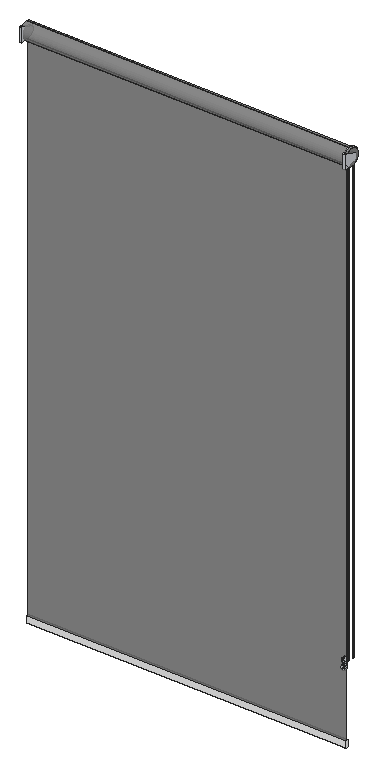
Revit family "WindowShade_RolleaseAcmeda_ContractSeries1_OpenRoll_R20", category Specialty Equipment, host Wall, Revit 2020
Family settings
  Host = Wall
  Round Connector Dimension = Use Diameter
  Part Type = Normal
  Always vertical = Yes
  Cut with Voids When Loaded = No
  Shared = No
  Room Calculation Point = No
Parameters (values of type "5'W x 8'Drop - Manual Left")
  Weight Bar = RA - FINISH - WHITE
  URL = "https://www.rolleaseacmedacontract.com/resources/"
  SHADE WIDTH (DEFAULT) = if(Input Bracket Width < 1' 0", 1' 6", if(Input Bracket Width > 12' 0", 12' 0", Input Bracket Width))  # 5' - 0"
  SHADE DROP (DEFAULT) = if(Input Shade Drop < 0' 0", 1' 0" / 12, if(Input Shade Drop > 12' 0", 12' 0", Input Shade Drop))  # 8' - 0"
  Shade = RA - FABRIC - AMBIENT REVIEW
  Contact Phone = "1-800-552-5100"
  Model = "RA Contract Series"
  Manufacturer = "Rollease Acmeda"
  Input Bracket Width = 5' - 0"
  Input Shade Drop = 8' - 0"
  Finish = RA - FINISH - WHITE
  Contact Email = "contract@rolleaseacmeda.com"
  Drive Motorized Calc = and(not([Drive Manual LH (Select One)]), not([Drive Manual RH (Select One)]))  # no
  Drive Motorized (Select One) = no
  Drive Manual Right Calc = and(not([Drive Manual LH (Select One)]), not([Drive Motorized (Select One)]))  # no
  Drive Manual RH (Select One) = no
  Drive Manual Left Calc = and(not([Drive Manual RH (Select One)]), not([Drive Motorized (Select One)]))  # yes
  Drive Manual LH (Select One) = yes
  Description = "RAC Series 1 - Open Roll"
  Default Elevation = 10' - 0"
  Chain Length = [SHADE DROP (DEFAULT)] * 0.85  # 6' - 9.6"
  Ceiling Mounted = no
  Drop Bar Silent Weight = not(Drop Bar Internal Hem)  # yes
  Drop Bar Internal Hem = no
Types (3): name | Drive Motorized Calc | Drive Motorized (Select One) | Drive Manual Right Calc | Drive Manual RH (Select One) | Drive Manual Left Calc | Drive Manual LH (Select One)
  5'W x 8'Drop - Manual Right | no | no | yes | yes | no | no
  5'W x 8'Drop - Manual Left | no | no | no | no | yes | yes
  5'W x 8'Drop - Motorized | yes | yes | no | no | no | no
Reference planes (in)
  plane 1: y = 3
  plane 2 "Center (Left/Right)": x = 0
  plane 3 "Back": y = 3
  plane 4 "B.O. HEADER": z = 40
  plane 5: y = 4.5625
  plane 6: z = 40
  plane 7 "B.O. SHADE": z = -56
  plane 8 "header right": x = -30
  plane 9 "header left": x = 30
  plane 10 "5": x = 29.40234
  plane 11 "6": x = -29.40234
Forms (in)
  Extrusion 1, solid, material "RA - FABRIC - AMBIENT REVIEW" <- "Shade", detail levels medium+fine
    sketch origin (-61.33329, 3, -80) x (-1, 0, 0) y (0, 0, 1)
      loop
        line (-90.73563, 120) -> (-90.73563, 24) -> (-31.93095, 24) -> (-31.93095, 120) -> (-90.73563, 120)
    from 1 to 1.125
  Sweep 2, solid, material "RA - FINISH - WHITE" <- "Weight Bar", visible <- "Drop Bar Silent Weight", detail levels medium+fine
    path in 3D
      loop
        line (29.40234, 4.125, -56) -> (-29.40234, 4.125, -56)
    profile "PROFILE - WEIGHTED DROP : PROFILE - WEIGHTED DROP" origin (0, 4.125, -56) x (0, 1, 0) y (0, 0, -1)
      loop
        arc (0.19143, -1.26562) -> (0.25088, -0.91458) -> (0.25709, -0.55859) r 2.37109
        line (0.25709, -0.55859) -> (0.20908, -0.55859) -> (0.20908, -0.49609) -> (0.25265, -0.49609)
        arc (0.25265, -0.49609) -> (0.22941, -0.30933) -> (0.19143, -0.125) r 2.37109
        line (0.19143, -0.125) -> (0.03407, -0.125) -> (0.03407, 0) -> (-0.05186, 0) -> (-0.05186, -0.125) -> (-0.3281, -0.125) -> (-0.3281, -1.26562) -> (0.19143, -1.26562)
  Sweep 3, solid, material "RA - FABRIC - AMBIENT REVIEW" <- "Shade", visible <- "Drop Bar Internal Hem", detail levels medium+fine
    path in 3D
      loop
        line (29.40234, 4.125, -56) -> (-29.40234, 4.125, -56)
    profile "PROFILE - SEALED HEM : PROFILE - SEALED HEM" origin (0, 4.125, -56) x (0, 1, 0) y (0, 0, -1)
      loop
        arc (-0.04671, -0.01097) -> (-0.21029, -0.8727) -> (-0.06177, -1.73715) r 2.46494
        line (-0.06177, -1.73715) -> (0.00011, -1.73715)
        arc (0.00011, -1.73715) -> (0.14862, -0.8727) -> (-0.01496, -0.01097) r 2.46494
        arc (-0.01496, -0.01097) -> (-0.03083, -0.00088) -> (-0.04671, -0.01097) r 0.01753
Lines and regions (in)
  sketch lines
    curve 1: line (29.40234, 4.125, -56) -> (-29.40234, 4.125, -56)
    curve 2: line (29.40234, 4.125, -56) -> (-29.40234, 4.125, -56)
Text (in)
  text "Placement Side" at (0, 40.15149, 123.01588), in view "Right"
  text "Placement Side" at (-58.6842, 42.74981, 0), in view "Ref. Level"
  text "Placement Side" at (0, 47.49176, 140.59947), in view "Left"
Dimensions and locks (in)
  locked: plane 3 "Back" to host wall
  "SHADE DROP (DEFAULT)": plane 7 "B.O. SHADE" to plane 4 "B.O. HEADER"
  "Chain Length": nested 1 to plane 4 "B.O. HEADER"
  locked: nested 1 to plane 11 "6" at 0.1875
  "Chain Length": nested 2 to plane 4 "B.O. HEADER"
  locked: nested 2 to plane 10 "5" at 0.1875
  equal spacing: plane 9 "header left", plane 2 "Center (Left/Right)", plane 8 "header right"
  "SHADE WIDTH (DEFAULT)": plane 9 "header left" to plane 8 "header right"
  locked: plane 11 "6" to nested 10 at 0.09375
  locked: nested 11 to plane 10 "5" at 0.09375
  locked: plane 11 "6" to plane 8 "header right" at 0.59766
  locked: plane 9 "header left" to plane 10 "5" at 0.59766
  plane 10 "5" to plane 11 "6" = 4' - 10 103/128"
  aligned and locked: Extrusion 1 sketch curve to plane 4 "B.O. HEADER"
  aligned and locked: plane 7 "B.O. SHADE" to Extrusion 1 sketch curve
  aligned and locked: nested 5 to plane 8 "header right"
  aligned and locked: plane 8 "header right" to nested 4
  aligned and locked: plane 8 "header right" to nested 8
  aligned and locked: nested 7 to plane 9 "header left"
  aligned and locked: nested 6 to plane 9 "header left"
  aligned and locked: plane 11 "6" to Extrusion 1 sketch curve
  aligned and locked: Extrusion 1 sketch curve to plane 10 "5"
Nested families (in)
  nested 1: "CHAIN HOLDER" at (-29.58984, 3, -41.6) x (-1, 0, 0) z (0, 1, 0), visible <- "Drive Manual Right Calc", type "CHAIN HOLDER", detail levels fine
  nested 2: "CHAIN HOLDER" at (29.58984, 3, -41.6) x (-1, 0, 0) z (0, 1, 0), visible <- "Drive Manual Left Calc", type "CHAIN HOLDER", detail levels fine
  nested 3: "2.0Open Roll Header" at (0, 3, 40) x (-1, 0, 0) z (0, 1, 0), type "2.0Open Roll Header"
  nested 4: "2.0OpenRollBracketAndClutch" at (-30, 3, 41.5) x (1, 0, 0) z (0, 1, 0), visible <- "Drive Manual Right Calc", type "2.0OpenRollBracketAndClutch", detail levels medium+fine
  nested 5: "OpenRollBracket" at (-29.60156, 3, 41.5) x (-1, 0, 0) z (0, 1, 0), type "OpenRollBracket"
  nested 6: "2.0OpenRollBracketAndClutch" at (30, 3, 41.5) x (-1, 0, 0) z (0, 1, 0), visible <- "Drive Manual Left Calc", type "2.0OpenRollBracketAndClutch"
  nested 7: "OpenRollBracket" at (30, 3, 41.5) x (-1, 0, 0) z (0, 1, 0), type "OpenRollBracket"
  nested 8: "2.0OpenRollBracketAndClutch" at (-30, 3, 41.5) x (1, 0, 0) z (0, 1, 0), visible <- "Drive Motorized Calc", type "2.0OpenRollBracketAndClutch", detail levels medium+fine
  nested 9: "2.0GeneralHeader" at (0, 3, 40.55757) x (-1, 0, 0) z (0, 1, 0), type "2.0GeneralHeader", not visible
  nested 10: "PULL CHAIN2" at (-29.49609, 4.28125, 40) x (-1, 0, 0) z (0, 0, -1), visible <- "Drive Manual Right Calc", type "PULL CHAIN2", detail levels medium+fine
  nested 11: "PULL CHAIN2" at (29.49609, 4.28125, 40) x (-1, 0, 0) z (0, 0, -1), visible <- "Drive Manual Left Calc", type "PULL CHAIN2", detail levels medium+fine
Definition of nested family "CHAIN HOLDER"
  Parameters (values of type "CHAIN HOLDER")
    Default Elevation = 4' - 0"
  Reference planes (in)
    plane 1 "Center (Front/Back)": y = 0
    plane 2: z = 0
    plane 3 "Center (Left/Right)": x = 0
  Forms (in)
    Extrusion 1, solid
      sketch origin (0, -0.90475, 0) x (1, 0, 0) y (0, 1, 0)
        loop
          line (-0.15144, 0) -> (0.15144, 0)
          arc (0.15144, 0) -> (0.30013, 0.06647) -> (0.34975, 0.2216) r 0.19953
          line (0.34975, 0.2216) -> (0.16523, 1.87945)
          arc (0.16523, 1.87945) -> (0.12687, 1.95389) -> (0.04865, 1.98378) r 0.1173
          line (0.04865, 1.98378) -> (-0.04865, 1.98378)
          arc (-0.04865, 1.98378) -> (-0.12687, 1.95389) -> (-0.16523, 1.87945) r 0.1173
          line (-0.16523, 1.87945) -> (-0.34975, 0.2216)
          arc (-0.34975, 0.2216) -> (-0.30013, 0.06647) -> (-0.15144, 0) r 0.19953
        loop
          circle (0, 0.2615) r 0.125
        loop
          circle (0, 1.66775) r 0.125
      from 0 to 0.5
    Extrusion 2, void
      sketch origin (0, -0.90475, 0) x (1, 0, 0) y (0, 1, 0)
        loop
          line (-0.3577, 1.23378) -> (-0.3577, 0.65475) -> (0.3436, 0.65475) -> (0.3436, 1.23378) -> (-0.3577, 1.23378)
      from 0 to 0.375
  Cuts and joins
    Extrusion 2 cuts Extrusion 1
  Dimensions and locks (in)
    aligned and locked: plane 2 to level
Definition of nested family "2.0Open Roll Header"
  Parameters (values of type "2.0Open Roll Header")
    Shade Material = none
    Header - Width = 5' - 0"
    Header - Height = 0' - 3"
    Header - Depth = 0' - 3 1/16"
    Default Elevation = 4' - 0"
  Reference planes (in)
    plane 1 "Center (Front/Back)": y = 0
    plane 2: z = 0
    plane 3 "Center (Left/Right)": x = 0
    plane 4: y = 3
    plane 5 "HEADER LEFT": x = -30
    plane 6 "HEADER RIGHT": x = 30
    plane 7: z = 3.0625
    plane 8 "tube center FB": y = 1.5
    plane 9 "tube center tb": z = 1.5625
  Forms (in)
    Extrusion 1, solid, material <- "Shade Material"
      sketch origin (0, -1.5, 0.80078) x (0, 1, 0) y (0, 0, 1)
        loop
          circle (3, 0.76172) r 1.5
      from -30 to 30
  Dimensions and locks (in)
    equal spacing: plane 5 "HEADER LEFT", plane 3 "Center (Left/Right)", plane 6 "HEADER RIGHT"
    "Header - Width": plane 5 "HEADER LEFT" to plane 6 "HEADER RIGHT"
    "Header - Depth": plane 7 to level
    "Header - Height": plane 1 "Center (Front/Back)" to plane 4
    "Header - Height": plane 4 to plane 1 "Center (Front/Back)"
    aligned and locked: plane 2 to level
    aligned and locked: Extrusion 1 to plane 5 "HEADER LEFT"
    aligned and locked: plane 6 "HEADER RIGHT" to Extrusion 1
  Automatic sketch dimensions
    Extrusion 1 sketch curve to plane 7 = 0' - 1 1/2"
    Extrusion 1 sketch curve to plane 1 "Center (Front/Back)" = 0' - 1 1/2"
    radius of Extrusion 1 sketch curve = 0' - 1 1/2"
Definition of nested family "2.0OpenRollBracketAndClutch"
  Parameters (values of type "2.0OpenRollBracketAndClutch")
    Default Elevation = 4' - 0"
  Reference planes (in)
    plane 1 "Center (Front/Back)": y = 0
    plane 2: z = 0
    plane 3 "Center (Left/Right)": x = 0
    plane 4 "CL front/back": z = 1.72592
  Forms (in)
    Extrusion 1, solid
      sketch origin (0, 0, 0) x (0, 1, 0) y (0, 0, 1)
        loop
          line (-1.24, 0) -> (1.24, 0) -> (1.24, 0.25) -> (0.71648, 1.94172)
          arc (0.71648, 1.94172) -> (0.46993, 2.30544) -> (0.0625, 2.47) r 0.75417
          line (0.0625, 2.47) -> (-0.0625, 2.47)
          arc (-0.0625, 2.47) -> (-0.46993, 2.30544) -> (-0.71648, 1.94172) r 0.75417
          line (-0.71648, 1.94172) -> (-1.24, 0.25) -> (-1.24, 0)
      from 0 to 0.39844
  Dimensions and locks (in)
    aligned and locked: plane 2 to level
  Nested families (in)
    nested 1: "OpenRollClutch" at (0.39844, 0, 1.72592) x (0, 1, 0) z (1, 0, 0), type "OpenRollClutch"
  Definition of nested family "OpenRollClutch"
    Parameters (values of type "OpenRollClutch")
      Default Elevation = 4' - 0"
    Reference planes (in)
      plane 1 "Center (Front/Back)": y = 0
      plane 2: z = 0
      plane 3 "Center (Left/Right)": x = 0
    Forms (in)
      Extrusion 1, solid
        sketch origin (0, 0, 0) x (1, 0, 0) y (0, 1, 0)
          loop
            circle (0, 0) r 1.5625
        from 0 to 0.19922
    Dimensions and locks (in)
      aligned and locked: plane 2 to level
Definition of nested family "OpenRollBracket"
  Parameters
    Default Elevation = 4' - 0"
  Reference planes (in)
    plane 1 "Center (Front/Back)": y = 0
    plane 2: z = 0
    plane 3 "Center (Left/Right)": x = 0
  Forms (in)
    Extrusion 1, solid
      sketch origin (0, 0, 0) x (0, 1, 0) y (0, 0, 1)
        loop
          line (-1.24, 0) -> (1.24, 0) -> (1.24, 0.25) -> (0.71648, 1.94172)
          arc (0.71648, 1.94172) -> (0.46993, 2.30544) -> (0.0625, 2.47) r 0.75417
          line (0.0625, 2.47) -> (-0.0625, 2.47)
          arc (-0.0625, 2.47) -> (-0.46993, 2.30544) -> (-0.71648, 1.94172) r 0.75417
          line (-0.71648, 1.94172) -> (-1.24, 0.25) -> (-1.24, 0)
      from 0 to 0.39844
  Dimensions and locks (in)
    aligned and locked: plane 2 to level
Definition of nested family "2.0GeneralHeader"
  Parameters (values of type "2.0GeneralHeader")
    Header Width = 5' - 0"
    Header Height = 0' - 3 59/128"
    Header Finish = none
    Header Depth = 0' - 3 37/128"
    Default Elevation = 4' - 0"
  Reference planes (in)
    plane 1 "Center (Front/Back)": y = 0
    plane 2: z = 0
    plane 3 "Center (Left/Right)": x = 0
    plane 4: x = -30
    plane 5: x = 30
    plane 6: y = 2.90336
    plane 7: y = -0.55757
    plane 8: z = 3.28906
  Forms (in)
    Extrusion 1, solid, material <- "Header Finish"
      sketch origin (0, 0, 0) x (1, 0, 0) y (0, 1, 0)
        loop
          line (-30, -0.55757) -> (30, -0.55757) -> (30, 2.90336) -> (-30, 2.90336) -> (-30, -0.55757)
      from 0 to 3.28906
  Lines and regions (in)
    Masking region 1
      outline origin (0, 0, 0) x (1, 0, 0) y (0, 1, 0)
        loop
          line (-30, 2.90336) -> (-30, -0.55757) -> (30, -0.55757) -> (30, 2.90336) -> (-30, 2.90336)
  Dimensions and locks (in)
    "Header Width": plane 4 to plane 5
    "Header Height": plane 7 to plane 6
    "Header Depth": plane 8 to plane 2
    equal spacing: plane 4, plane 3 "Center (Left/Right)", plane 5
    aligned and locked: plane 2 to level
    aligned and locked: plane 4 to Extrusion 1
    aligned and locked: Extrusion 1 to plane 5
    aligned and locked: Extrusion 1 to plane 6
    aligned and locked: Extrusion 1 to plane 7
    aligned and locked: plane 8 to Extrusion 1
    aligned and locked: plane 4 to Masking region 1
    aligned and locked: Masking region 1 to plane 7
    aligned and locked: Masking region 1 to plane 6
    aligned and locked: Masking region 1 to plane 5
  Automatic sketch dimensions
    Extrusion 1 sketch curve to plane 4 = 0' - 0"
    plane 5 to Extrusion 1 sketch curve = 0' - 0"
    Extrusion 1 sketch curve to plane 7 = 0' - 0"
    plane 6 to Extrusion 1 sketch curve = 0' - 0"
    Masking region 1 sketch curve to plane 4 = 0' - 0"
    plane 5 to Masking region 1 sketch curve = 0' - 0"
    Masking region 1 sketch curve to plane 7 = 0' - 0"
    plane 6 to Masking region 1 sketch curve = 0' - 0"
Definition of nested family "PULL CHAIN2"
  Parameters (values of type "PULL CHAIN2")
    MANUAL DRIVE CHAIN = yes
    Default Elevation = 4' - 0"
    CHAIN LENGTH = 6' - 9.6"
  Reference planes (in)
    plane 1 "Center (Front/Back)": y = 0
    plane 2 "bottom": z = 0
    plane 3 "Center (Left/Right)": x = 0
    plane 4 "top": z = 81.6
  Forms (in)
    Extrusion 1, solid
      sketch origin (0, 0, 0) x (1, 0, 0) y (0, 1, 0)
        loop
          circle (0, 0) r 0.0625
        loop
          circle (0, 1.25) r 0.0625
      from 0 to 81.6
  Dimensions and locks (in)
    plane 4 "top" to plane 2 "bottom" = 6' - 9.6"
    "CHAIN LENGTH": plane 4 "top" to plane 2 "bottom"
    aligned and locked: plane 2 "bottom" to level
    aligned and locked: plane 4 "top" to Extrusion 1
    aligned and locked: Extrusion 1 to plane 2 "bottom"
  Automatic sketch dimensions
    Extrusion 1 sketch curve to plane 3 "Center (Left/Right)" = 0' - 0"  (x2)
    plane 1 "Center (Front/Back)" to Extrusion 1 sketch curve = 0' - 0"
    Extrusion 1 sketch curve to Extrusion 1 sketch curve = 0' - 1 1/4"
    radius of Extrusion 1 sketch curve = 0' - 0 1/16"  (x2)
